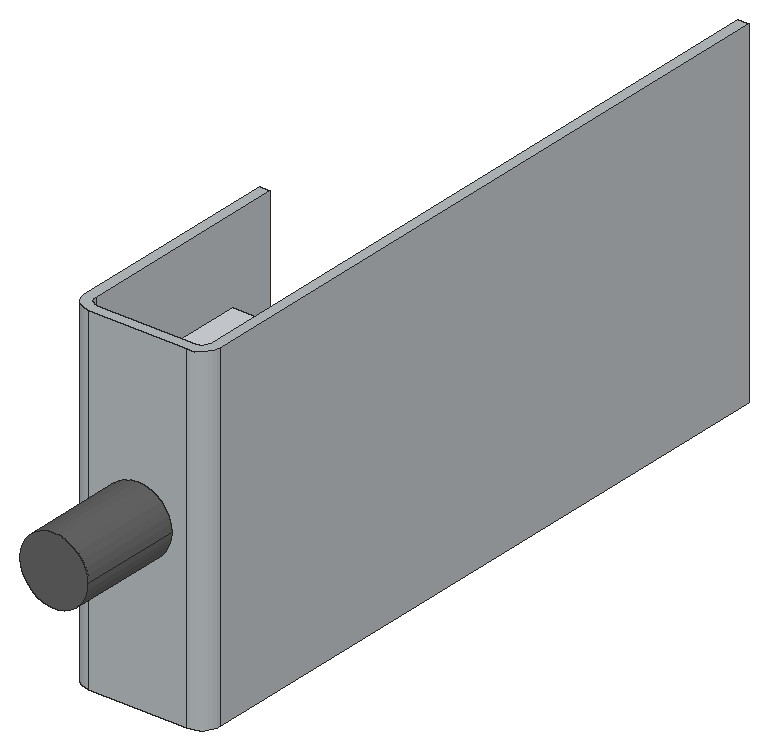
Revit family "Eurolan_Комплект датчиков открытия дверей", category Устройства связи, Revit 2019
Family settings
  Сохранять ориентацию аннотаций = Нет
  Размер круглого соединителя = Использовать диаметр
  Тип детали = Нормальный
  На основе рабочей плоскости = Нет
  Всегда вертикально = Да
  При загрузке вырезать с полостями = Нет
  Общий = Нет
  Точка расчета площади = Нет
Parameters (values of type "Датчик открытия двери")
  ADSK_Примечание = ""
  ADSK_Позиция = ""
  ADSK_Наименование краткое = "Датчикик открытия двери"
  ADSK_Наименование = "Комплект датчиков открытия дверей"
  ADSK_Материал = RAL9005
  ADSK_Масса = 0
  ADSK_Марка = ""
  ADSK_Количество = 1  # constant formula
  ADSK_Код изделия = "60A-32-10SL"
  ADSK_Завод-изготовитель = "Eurolan"  # constant formula
  ADSK_Единица измерения = "шт"  # constant formula
Reference planes
  plane 1 "По центру (Вперед/Назад)": y = 0
  plane 2: z = 0
  plane 3 "По центру (Влево/Вправо)": x = 0
Dimensions and locks
  aligned and locked: level to plane 2
Nested families
  nested 1: "датчик открытия двери" at (0, 0, 0), type "датчик открытия двери"
Definition of nested family "датчик открытия двери"
  Parameters (values of type "датчик открытия двери")
    Ширина = 20 mm
    Глубина = 100 mm
    Высота = 50 mm
    ADSK_Материал = none
  Reference planes
    plane 1 "По центру (Вперед/Назад)": y = 0
    plane 2: z = 0
    plane 3 "По центру (Влево/Вправо)": x = 0
    plane 4: z = 25
    plane 5: z = -25
    plane 6: x = -10
    plane 7: x = 10
    plane 8: y = 100
  Forms (mm)
    Extrusion 1, solid, detail levels fine
      sketch origin (0, 0, 0) x (1, 0, 0) y (0, 1, 0)
        loop
          line (-7.214, 0) -> (7.237, 0)
          arc (7.237, 0) -> (9.191, 0.809) -> (10, 2.763) r 2.763
          line (10, 2.763) -> (10, 100) -> (8.5, 100) -> (8.5, 2.763)
          arc (8.5, 2.763) -> (8.13, 1.87) -> (7.237, 1.5) r 1.263
          line (7.237, 1.5) -> (-7.214, 1.5)
          arc (-7.214, 1.5) -> (-8.123, 1.877) -> (-8.5, 2.786) r 1.286
          line (-8.5, 2.786) -> (-8.5, 35) -> (-10, 35) -> (-10, 2.786)
          arc (-10, 2.786) -> (-9.184, 0.816) -> (-7.214, 0) r 2.786
      from -25 to 25
    Extrusion 2, solid, detail levels medium+fine
      sketch origin (0, 0, 0) x (1, 0, 0) y (0, 0, 1)
        loop
          circle (0, 0) r 5
      from 0 to 15.413
    Extrusion 3, solid, material <- "ADSK_Материал", detail levels fine
      sketch origin (0, 3.5, 0) x (1, 0, 0) y (0, 1, 0)
        loop
          line (-6.072, -2) -> (6.255, -2) -> (6.255, 21.5) -> (-6.072, 21.5) -> (-6.072, -2)
      from -14.779 to 14.827
    Extrusion 4, solid, detail levels coarse
      sketch origin (0, 0, 0) x (1, 0, 0) y (0, 1, 0)
        loop
          line (-10, 100) -> (-10, -15.413) -> (10, -15.413) -> (10, 100) -> (-10, 100)
      from -25 to 25
    Extrusion 5, solid, detail levels medium
      sketch origin (0, 0, 0) x (1, 0, 0) y (0, 1, 0)
        loop
          line (-10, 100) -> (-10, 0) -> (10, 0) -> (10, 100) -> (-10, 100)
      from -25 to 25
  Dimensions and locks
    equal spacing: plane 4, level, plane 5
    "Высота": plane 4 to plane 5
    equal spacing: plane 7, plane 3 "По центру (Влево/Вправо)", plane 6
    "Ширина": plane 7 to plane 6
    "Глубина": plane 8 to plane 1 "По центру (Вперед/Назад)"
    plane 1 "По центру (Вперед/Назад)" to Extrusion 4 = 100 mm
    plane 1 "По центру (Вперед/Назад)" to Extrusion 5 = 100 mm
    aligned and locked: level to plane 2
    aligned and locked: Extrusion 1 to plane 5
    aligned and locked: plane 4 to Extrusion 1
    aligned and locked: Extrusion 4 to plane 5
    aligned and locked: plane 4 to Extrusion 4
    aligned and locked: Extrusion 5 to plane 5
    aligned and locked: plane 4 to Extrusion 5
  Automatic sketch dimensions
    Extrusion 1 sketch curve to Extrusion 1 sketch curve = 0 mm  (x4)
    Extrusion 1 sketch curve to plane 6 = 0 mm
    plane 1 "По центру (Вперед/Назад)" to Extrusion 1 sketch curve = 0 mm
    Extrusion 1 sketch curve to plane 7 = 0 mm
    Extrusion 1 sketch curve to plane 8 = 0 mm
    Extrusion 1 sketch curve to Extrusion 1 sketch curve = 1.5 mm
    Extrusion 1 sketch curve to Extrusion 1 sketch curve = 1.286 mm
    Extrusion 1 sketch curve to Extrusion 1 sketch curve = 1.263 mm
    Extrusion 1 sketch curve to Extrusion 1 sketch curve = 32.214 mm
    Extrusion 2 sketch curve to level = 0 mm
    Extrusion 2 sketch curve to plane 3 "По центру (Влево/Вправо)" = 0 mm
    plane 6 to Extrusion 3 sketch curve = 3.928 mm
    Extrusion 3 sketch curve to plane 7 = 3.745 mm
    Extrusion 3 sketch curve to plane 1 "По центру (Вперед/Назад)" = 1.5 mm
    Extrusion 3 sketch curve to Extrusion 3 sketch curve = 23.5 mm
    Extrusion 4 sketch curve to plane 6 = 0 mm
    Extrusion 4 sketch curve to plane 7 = 0 mm
    Extrusion 4 sketch curve to plane 8 = 0 mm
    plane 1 "По центру (Вперед/Назад)" to Extrusion 4 sketch curve = 15.413 mm
    plane 1 "По центру (Вперед/Назад)" to Extrusion 5 sketch curve = 0 mm
    Extrusion 5 sketch curve to plane 6 = 0 mm
    Extrusion 5 sketch curve to plane 7 = 0 mm
    Extrusion 5 sketch curve to plane 8 = 0 mm
    radius of Extrusion 2 sketch curve = 5 mm
